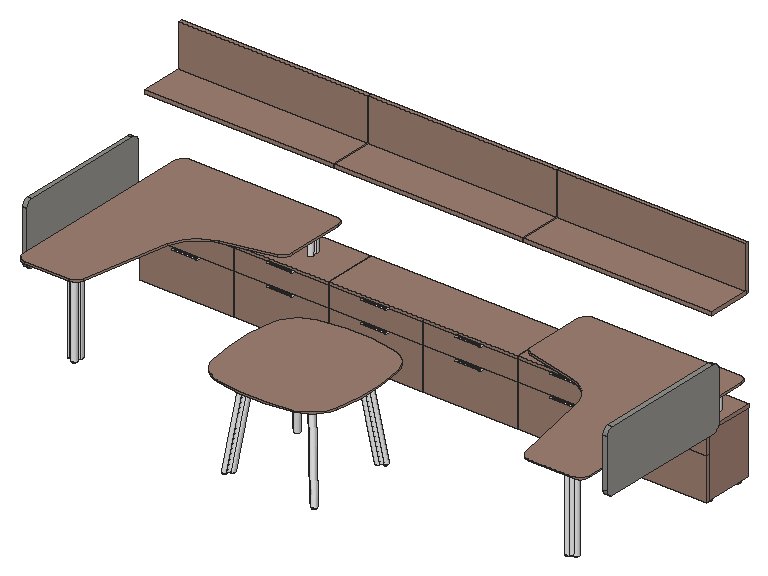
Revit family "T100136", category Furniture, Revit 2022 (continued)
Definition of nested family "APTOS SWEEP ELEVATED RUNOFF WORKSURFACE RIGHT - WOOD TOP for 18D Cabinets"
  Automatic sketch dimensions
    Extrusion 9 sketch curve to Extrusion 9 sketch curve = 9.43275"
    Extrusion 9 sketch curve to Extrusion 9 sketch curve = 17.56883"
    Extrusion 9 sketch curve to Extrusion 9 sketch curve = 2.41502"
    Extrusion 11 sketch curve to Extrusion 11 sketch curve = 2.94241"
    Extrusion 11 sketch curve to Extrusion 11 sketch curve = 0.58118"
    Sweep 12 sketch curve to profile plane = 1 3/16"
    Sweep 12 sketch curve to profile plane = 0"
    Sweep 12 sketch curve to profile plane = 2"
    Sweep 12 sketch curve to profile plane = 7/16"
    Extrusion 11 sketch curve to Extrusion 11 sketch curve = 2.41882"
    Extrusion 11 sketch curve to Extrusion 11 sketch curve = 3"  (x2)
    Extrusion 11 sketch curve to Extrusion 11 sketch curve = 26.5204"
    Extrusion 11 sketch curve to Extrusion 11 sketch curve = 9.44492"
    Extrusion 11 sketch curve to Extrusion 11 sketch curve = 3.60914"
    Extrusion 11 sketch curve to Extrusion 11 sketch curve = 34.06049"
    Extrusion 11 sketch curve to Extrusion 11 sketch curve = 18.06402"
    Extrusion 11 sketch curve to Extrusion 11 sketch curve = 11.76966"
    Extrusion 11 sketch curve to Extrusion 11 sketch curve = 16.81851"
    Extrusion 11 sketch curve to Extrusion 11 sketch curve = 5.23697"
    Extrusion 11 sketch curve to Extrusion 11 sketch curve = 9.43275"
    Extrusion 11 sketch curve to Extrusion 11 sketch curve = 17.56883"
    Extrusion 11 sketch curve to Extrusion 11 sketch curve = 2.41502"
Definition of nested family "APTOS WALLMOUNT OPEN SHELF ORGANIZER Cantilevered Fixed Shelf"
  Parameters
    Width = 96"
    Wall Board Thickness = 1"
    URL = "http://ofsbrands.com"
    Shelf Board Thickness = 1"
    Depth = 14 1/2"
    Default Elevation = 0"
    Bottom Board Offset [instance] = 53 3/4"
    Board Material = none
    Model = "34-9615WS"
    Manufacturer = "OFS"
    Height = 14 1/2"
    Description = "OFS BRANDS OFS APTOS WALLMOUNT OPEN SHELF ORGANIZER Cantilevered Fixed Shelf 96\""
    Copyright © = "© OFS BRANDS 2017"
    Catalog = "APTOS http://ofsbrands.com/products/casegoods/private-office/aptos"
    Authoring Version = "Autodesk Revit Architecture 2013"
    Assembly Code = "E2020200"
  Reference planes (in)
    plane 1 "Center Front/Back": y = 0
    plane 2: z = 0
    plane 3 "Center Left/Right": x = 0
    plane 4 "Left End": x = -48
    plane 5 "Front End": y = -14.5
    plane 6 "Right End": x = 48
    plane 7 "Height Top": z = 54.75
    plane 8: z = 53.75
    plane 9: y = -1
    plane 10: z = 68.25
  Forms (in)
    Extrusion 1, solid, material <- "Board Material"
      sketch origin (0, 0, 0) x (1, 0, 0) y (0, 1, 0)
        loop
          line (-48, -1) -> (-48, -14.5) -> (48, -14.5) -> (48, -1) -> (-48, -1)
      from 53.75 to 54.75
    Extrusion 2, solid, material <- "Board Material"
      sketch origin (0, 0, 0) x (1, 0, 0) y (0, 1, 0)
        loop
          line (-48, 0) -> (-48, -1) -> (48, -1) -> (48, 0) -> (-48, 0)
      from 53.75 to 68.25
  Dimensions and locks (in)
    "Shelf Board Thickness": plane 7 "Height Top" to plane 8
    "Bottom Board Offset": plane 8 to level
    "Depth": plane 5 "Front End" to plane 1 "Center Front/Back"
    equal spacing: plane 4 "Left End", plane 3 "Center Left/Right", plane 6 "Right End"
    "Width": plane 4 "Left End" to plane 6 "Right End"
    "Wall Board Thickness": plane 9 to plane 1 "Center Front/Back"
    "Height": plane 10 to plane 8
    aligned and locked: level to plane 2
    aligned and locked: plane 4 "Left End" to Extrusion 1 sketch curve
    aligned and locked: Extrusion 1 sketch curve to plane 5 "Front End"
    aligned and locked: plane 6 "Right End" to Extrusion 1 sketch curve
    aligned and locked: Extrusion 1 to plane 9
    aligned and locked: plane 4 "Left End" to Extrusion 2 sketch curve
    aligned and locked: plane 6 "Right End" to Extrusion 2 sketch curve
    aligned and locked: plane 1 "Center Front/Back" to Extrusion 2 sketch curve
    aligned and locked: Extrusion 2 sketch curve to plane 9
    aligned and locked: Extrusion 2 to plane 10
    aligned and locked: Extrusion 2 to plane 8
    aligned and locked: Extrusion 1 to plane 7 "Height Top"
    aligned and locked: Extrusion 1 to plane 8
  Automatic sketch dimensions
    plane 1 "Center Front/Back" to Extrusion 1 sketch curve = 1"
Definition of nested family "APTOS FABRIC EDGE MOUNT PRIVACY PANEL 19.5IN HEIGHT"
  Parameters
    Width = 56"
    URL = "http://ofsbrands.com"
    Mount Brackets Width = 1 1/2"
    Mount Brackets Material = none
    Mount Brace Sep = 40 1/2"
    Depth = 1 7/16"
    Default Elevation = 0"
    Center Edge Mount Brackets [instance] = yes
    Fabric Material = none
    Model = "34-5620PPE"
    Manufacturer = "OFS"
    Leg Caps Material = none
    Height = 19 1/2"
    Description = "OFS BRANDS OFS APTOS FABRIC EDGE MOUNT PRIVACY PANEL 56\" x 19.5\""
    Copyright © = "© OFS BRANDS 2017"
    Catalog = "APTOS http://ofsbrands.com/products/casegoods/private-office/aptos"
    Bottom Board Offset = 22 9/16"
    Authoring Version = "Autodesk Revit Architecture 2013"
    Assembly Code = "E2020200"
  Reference planes (in)
    plane 1 "Center Front/Back": y = 0
    plane 2: z = 0
    plane 3 "Center Left/Right": x = 0
    plane 4 "Left End": x = -28
    plane 5 "Front End": y = -1.4375
    plane 6 "Right End": x = 28
    plane 7 "Height Top": z = 42.0625
    plane 8: z = 22.5625
    plane 9: x = -21.75
    plane 10: x = -20.25
    plane 11: x = 21.75
    plane 12: x = 20.25
    plane 13: x = 0.75
    plane 14: x = -0.75
  Forms (in)
    Extrusion 1, solid, material <- "Fabric Material"
      sketch origin (0, 0, 0) x (1, 0, 0) y (0, 0, 1)
        loop
          arc (-26, 42.0625) -> (-27.41421, 41.47671) -> (-28, 40.0625) r 2
          line (-28, 40.0625) -> (-28, 24.5625)
          arc (-28, 24.5625) -> (-27.41421, 23.14829) -> (-26, 22.5625) r 2
          line (-26, 22.5625) -> (26, 22.5625)
          arc (26, 22.5625) -> (27.41421, 23.14829) -> (28, 24.5625) r 2
          line (28, 24.5625) -> (28, 40.0625)
          arc (28, 40.0625) -> (27.41421, 41.47671) -> (26, 42.0625) r 2
          line (26, 42.0625) -> (-26, 42.0625)
      from 0 to 1.4375
    Extrusion 2, solid, material <- "Mount Brackets Material"
      sketch origin (0, 15.98476, 0) x (0, 1, 0) y (0, 0, 1)
        loop
          line (-18.92226, 28.3125) -> (-21.17226, 28.3125) -> (-21.17226, 28.0625) -> (-19.02581, 28.0625) -> (-17.67226, 26.70895) -> (-17.67226, 24.5625) -> (-17.42226, 24.5625) -> (-17.42226, 26.8125) -> (-18.92226, 28.3125)
      from -21.75 to -20.25
    Extrusion 3, solid, material <- "Mount Brackets Material"
      sketch origin (0, 15.98476, 0) x (0, 1, 0) y (0, 0, 1)
        loop
          line (-18.92226, 28.3125) -> (-21.17226, 28.3125) -> (-21.17226, 28.0625) -> (-19.02581, 28.0625) -> (-17.67226, 26.70895) -> (-17.67226, 24.5625) -> (-17.42226, 24.5625) -> (-17.42226, 26.8125) -> (-18.92226, 28.3125)
      from 20.25 to 21.75
    Extrusion 4, solid, material <- "Mount Brackets Material", visible <- "Center Edge Mount Brackets"
      sketch origin (0, 15.98476, 0) x (0, 1, 0) y (0, 0, 1)
        loop
          line (-18.92226, 28.3125) -> (-21.17226, 28.3125) -> (-21.17226, 28.0625) -> (-19.02581, 28.0625) -> (-17.67226, 26.70895) -> (-17.67226, 24.5625) -> (-17.42226, 24.5625) -> (-17.42226, 26.8125) -> (-18.92226, 28.3125)
      from -0.75 to 0.75
  Dimensions and locks (in)
    "Height": plane 7 "Height Top" to plane 8
    "Bottom Board Offset": plane 8 to level
    "Depth": plane 5 "Front End" to plane 1 "Center Front/Back"
    equal spacing: plane 4 "Left End", plane 3 "Center Left/Right", plane 6 "Right End"
    "Width": plane 4 "Left End" to plane 6 "Right End"
    "Mount Brackets Width": plane 9 to plane 10
    "Mount Brackets Width": plane 11 to plane 12
    equal spacing: plane 10, plane 3 "Center Left/Right", plane 12
    equal spacing: plane 14, plane 3 "Center Left/Right", plane 13
    "Mount Brackets Width": plane 14 to plane 13
    "Mount Brace Sep": plane 10 to plane 12
    aligned and locked: level to plane 2
    aligned and locked: Extrusion 1 sketch curve to plane 7 "Height Top"
    aligned and locked: plane 4 "Left End" to Extrusion 1 sketch curve
    aligned and locked: Extrusion 1 sketch curve to plane 8
    aligned and locked: plane 6 "Right End" to Extrusion 1 sketch curve
    aligned and locked: Extrusion 1 to plane 5 "Front End"
    aligned and locked: Extrusion 1 to plane 1 "Center Front/Back"
    aligned and locked: Extrusion 2 to plane 9
    aligned and locked: plane 10 to Extrusion 2
    aligned and locked: Extrusion 3 to plane 12
    aligned and locked: Extrusion 4 to plane 14
    aligned and locked: plane 13 to Extrusion 4
    aligned and locked: plane 11 to Extrusion 3
  Automatic sketch dimensions
    plane 8 to Extrusion 1 sketch curve = 2"
    plane 4 "Left End" to Extrusion 1 sketch curve = 2"
    plane 6 "Right End" to Extrusion 1 sketch curve = 2"  (x2)
    plane 8 to Extrusion 2 sketch curve = 5 3/4"
    Extrusion 2 sketch curve to plane 5 "Front End" = 3 3/4"
    plane 8 to Extrusion 2 sketch curve = 4.14645"
    Extrusion 2 sketch curve to Extrusion 2 sketch curve = 2.14645"
    Extrusion 2 sketch curve to Extrusion 2 sketch curve = 0.10355"
    Extrusion 2 sketch curve to Extrusion 2 sketch curve = 1.35355"
    plane 8 to Extrusion 2 sketch curve = 4 1/4"
    Extrusion 2 sketch curve to Extrusion 2 sketch curve = 1/4"  (x2)
    plane 8 to Extrusion 2 sketch curve = 2"
    plane 8 to Extrusion 3 sketch curve = 5 3/4"
    Extrusion 3 sketch curve to plane 5 "Front End" = 3 3/4"
    plane 8 to Extrusion 3 sketch curve = 2"
    plane 8 to Extrusion 3 sketch curve = 5 1/2"
    Extrusion 3 sketch curve to Extrusion 3 sketch curve = 2.14645"
    Extrusion 3 sketch curve to Extrusion 3 sketch curve = 0.10355"  (x2)
    Extrusion 3 sketch curve to Extrusion 3 sketch curve = 1.35355"  (x2)
    Extrusion 3 sketch curve to Extrusion 3 sketch curve = 1/4"
    Extrusion 4 sketch curve to plane 5 "Front End" = 0"
    Extrusion 4 sketch curve to plane 5 "Front End" = 1/4"
    plane 8 to Extrusion 4 sketch curve = 2"
    Extrusion 4 sketch curve to plane 5 "Front End" = 1 1/2"
    Extrusion 4 sketch curve to Extrusion 4 sketch curve = 0.10355"  (x2)
    Extrusion 4 sketch curve to Extrusion 4 sketch curve = 2.14645"  (x2)
    Extrusion 4 sketch curve to Extrusion 4 sketch curve = 1.35355"
    Extrusion 4 sketch curve to Extrusion 4 sketch curve = 1/4"
